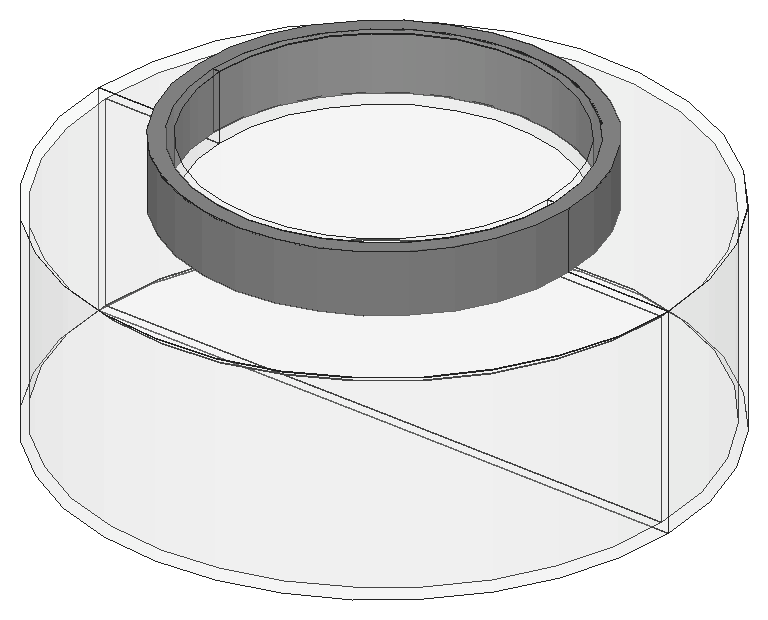
Revit family "M_Ceiling Light - Flat Round", category Lighting Fixtures, host Ceiling, Revit 2017
Family settings
  Host = Ceiling
  Round Connector Dimension = Use Diameter
  Part Type = Normal
  OmniClass Number = 23.80.70.11.11
  OmniClass Title = General Luminaries, Non Directional
  Always vertical = Yes
  Cut with Voids When Loaded = No
  Light Source = Yes
  Shared = No
  Room Calculation Point = No
Parameters (values of type "100W - 120V")
  Wattage Comments = ""
  Wattage = 100 W
  built-in parameter 1150110 = 1 (stored number, unit not read)
  built-in parameter 1114217 = 1 (stored number, unit not read)
  built-in parameter 1150109 = 1 (stored number, unit not read)
  built-in parameter 1150134 = 4
  built-in parameter 1150113 = 1 (stored number, unit not read)
  built-in parameter 1150115 = 1 (stored number, unit not read)
  built-in parameter 1150105 = 557.04 (stored number, unit not read)
  Load Classification = Lighting - Dwelling Unit
  Light Source Symbol Size = 609.6 mm
  built-in parameter 1150137 = 1
  built-in parameter 1150139 = (empty or 0)
  Light Box Material = Steel, Paint Finish, Dark Gray, Matte
  built-in parameter 1150112 = 1 (stored number, unit not read)
  built-in parameter 1150114 = 1 (stored number, unit not read)
  Lamp = "A-19"
  built-in parameter 1150132 = (empty or 0)
  built-in parameter 1150102 = (empty or 0)
  built-in parameter 1150138 = (empty or 0)
  built-in parameter 1150107 = 2800 (stored number, unit not read)
  built-in parameter 1150106 = 5.5704 (stored number, unit not read)
  Emit from Circle Diameter = 250 mm
  Emit Shape Visible in Rendering = no
  built-in parameter 1150104 = 1.6258 (stored number, unit not read)
  Dimming Lamp Color Temperature Shift = <None>
  Diffuser Material = Glass, White, High Luminance
  Color Filter = 16777215
  built-in parameter 1140040 [instance] = 1
  Ballast Voltage = 120 V
  Ballast Number of Poles = 1
  built-in parameter 1114218 = 1 (stored number, unit not read)
  built-in parameter 1150133 = 10 (stored number, unit not read)
  Assembly Code = "D5020220"
  Lumens = 1750 lm
  Apparent Load = 100 VA
Types (5, lengths in mm): name | Wattage | built-in parameter 1150105 | built-in parameter 1150106 | built-in parameter 1150104 | Ballast Voltage | Lumens | Apparent Load
  (no name) | 100 W | 557.04 (stored number, unit not read) | 5.5704 (stored number, unit not read) | 1.6258 (stored number, unit not read) | 120 V | 1750 lm | 100 VA
  60W - 120V | 60 W | 272.15 (stored number, unit not read) | 2.7215 (stored number, unit not read) | 1.3239 (stored number, unit not read) | 120 V | 855 lm | 60 VA
  60W - 277V | 60 W | 272.15 (stored number, unit not read) | 2.7215 (stored number, unit not read) | 1.3239 (stored number, unit not read) | 277 V | 855 lm | 60 VA
  100W - 120V | 100 W | 557.04 (stored number, unit not read) | 5.5704 (stored number, unit not read) | 1.6258 (stored number, unit not read) | 120 V | 1750 lm | 100 VA
  100W - 277V | 100 W | 557.04 (stored number, unit not read) | 5.5704 (stored number, unit not read) | 1.6258 (stored number, unit not read) | 277 V | 1750 lm | 100 VA
Reference planes
  plane 1 "Center (Front/Back)": y = 0
  plane 2 "Ceiling": z = 2438.4
  plane 3 "Center (Left/Right)": x = 0
  plane 4 "Light Source Elevation": z = 2387.6
  plane 5: x = -76.2
  plane 6: x = -127
  plane 7: z = 2324.1
  plane 8: z = 2413
Forms (mm)
  Revolve 1, solid, material "Glass, White, High Luminance" <- "Diffuser Material"
    sketch origin (0, 0, 0) x (0, 0, -1) y (1, 0, 0)
      loop
        line (-2438.4, -76.2) -> (-2413, -76.2) -> (-2413, -127) -> (-2324.1, -127) -> (-2324.1, 0) -> (-2327.275, 0) -> (-2327.275, -123.825) -> (-2409.825, -123.825) -> (-2409.825, -73.025) -> (-2438.4, -73.025) -> (-2438.4, -76.2)
      axis (-2438.4, 0) -> (-2324.1, 0)
    angle from 0 to 360
  Extrusion 2, solid, material "Steel, Paint Finish, Dark Gray, Matte" <- "Light Box Material"
    sketch origin (0, 0, 2438.4) x (1, 0, 0) y (0, 1, 0)
      loop
        circle (0, 0) r 82.55
      loop
        circle (0, 0) r 76.2
    from -25.4 to 0
Lines and regions (mm)
  model lines
    curve 1: arc (-73.025, 0, 2438.4) -> (0, 73.025, 2438.4) -> (73.025, 0, 2438.4) r 73.025
    curve 2: arc (73.025, 0, 2438.4) -> (0, -73.025, 2438.4) -> (-73.025, 0, 2438.4) r 73.025
  symbolic lines
    curve 3: arc (0.199, -127, 0) -> (0, 127, 0) -> (-0.199, -127, 0) r 127
Dimensions and locks
  equal spacing: host sketch curve, plane 3 "Center (Left/Right)", host sketch curve
  equal spacing: host sketch curve, plane 1 "Center (Front/Back)", host sketch curve
  host sketch curve to host sketch curve = 3048 mm  (x2)
  plane 2 "Ceiling" to plane 7 = 114.3 mm
  plane 6 to plane 3 "Center (Left/Right)" = 127 mm
  aligned and locked: curve 1 to Revolve 1
  aligned and locked: Revolve 1 to Extrusion 2
  aligned and locked: plane 2 "Ceiling" to Extrusion 2
  aligned and locked: plane 3 "Center (Left/Right)" to imposter light
  aligned and locked: plane 1 "Center (Front/Back)" to imposter light
  aligned and locked: plane 4 "Light Source Elevation" to imposter light
Automatic sketch dimensions
  Revolve 1 sketch curve to plane 3 "Center (Left/Right)" = 0 mm  (x2)
  Revolve 1 sketch curve to plane 2 "Ceiling" = 0 mm
  Revolve 1 sketch curve to plane 5 = 0 mm
  Revolve 1 sketch curve to plane 8 = 0 mm
  Revolve 1 sketch curve to plane 7 = 0 mm
  Revolve 1 sketch curve to plane 6 = 0 mm
  plane 2 "Ceiling" to Revolve 1 sketch curve = 25.4 mm
  plane 8 to Revolve 1 sketch curve = 3.175 mm
  Revolve 1 sketch curve to plane 7 = 3.175 mm
  plane 7 to Revolve 1 sketch curve = 25.4 mm
  Revolve 1 sketch curve to plane 6 = 3.175 mm
  Revolve 1 sketch curve to plane 5 = 3.175 mm
  Extrusion 2 sketch curve to plane 1 "Center (Front/Back)" = 0 mm  (x2)
  Extrusion 2 sketch curve to plane 3 "Center (Left/Right)" = 0 mm  (x2)
  Extrusion 2 sketch curve to plane 3 "Center (Left/Right)" = 76.2 mm
  Extrusion 2 sketch curve to Extrusion 2 sketch curve = 6.35 mm
  curve 3 to plane 1 "Center (Front/Back)" = 0 mm
  curve 3 to plane 3 "Center (Left/Right)" = 0 mm
  radius of curve 3 = 127 mm
Connectors
  electrical at (0, 0, 2324.1), driven by "Apparent Load", driven by "Ballast Voltage", driven by "Ballast Number of Poles", driven by "Load Classification"
    settings: on Revolve 1, index 1, voltage 120 V, apparent load 0 VA, apparent load phase1 100 VA, apparent load phase2 0 VA, apparent load phase3 0 VA, power factor 0.95, load classification "Lighting - Dwelling Unit", number of poles 1, system type 31, power factor state 1, is connector primary yes, connector utility no, sub classification motor no, connector description ""
